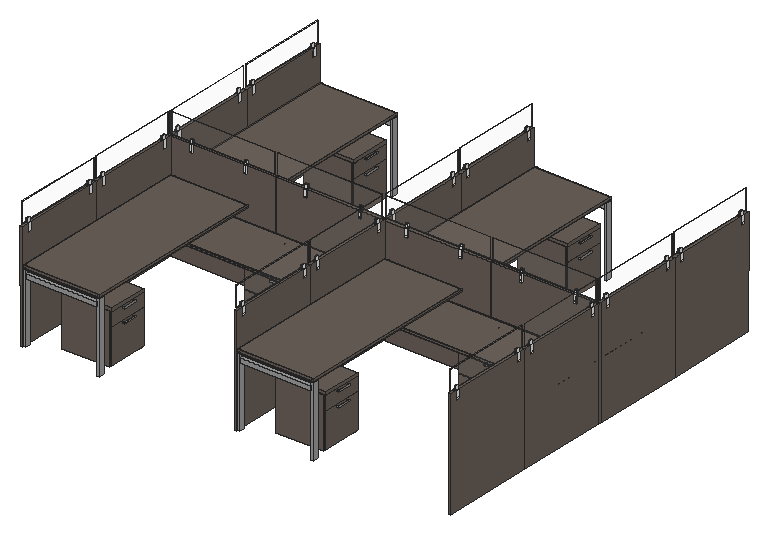
Revit family "OFS TYPICAL T200171", category Furniture, Revit 2022 (continued)
Definition of nested family "STAKS RISER SUPPORT PANELS P _ T SHAPED"
  Automatic sketch dimensions
    Extrusion 1 sketch curve to plane 4 "WING Top" = 0' - 0"
    Extrusion 1 sketch curve to plane 8 = 0' - 0"
    Extrusion 1 sketch curve to plane 7 = 0' - 0"
    Extrusion 1 sketch curve to plane 11 = 0' - 0"
    Extrusion 2 sketch curve to plane 4 "WING Top" = 0' - 0"
    Extrusion 2 sketch curve to plane 6 = 0' - 0"
    Extrusion 2 sketch curve to plane 3 "Back" = 0' - 0"
    Extrusion 2 sketch curve to plane 11 = 0' - 0"
    plane 6 to Masking region 1 sketch curve = 0' - 0"
    Masking region 1 sketch curve to plane 9 = 0' - 0"
    plane 3 "Back" to Masking region 1 sketch curve = 0' - 0"
    Masking region 1 sketch curve to plane 7 = 0' - 0"
    Extrusion 3 sketch curve to plane 2 "Left" = 0' - 0"
    Extrusion 3 sketch curve to plane 9 = 0' - 0"
    Extrusion 3 sketch curve to plane 11 = 0' - 0"
    Extrusion 3 sketch curve to plane 4 "WING Top" = 0' - 0"
    plane 6 to Masking region 2 sketch curve = 0' - 0"
    Masking region 2 sketch curve to plane 8 = 0' - 0"
    Masking region 2 sketch curve to plane 7 = 0' - 0"
    plane 12 to Masking region 2 sketch curve = 0' - 0"
    Masking region 3 sketch curve to plane 2 "Left" = 0' - 0"
    plane 3 "Back" to Masking region 3 sketch curve = 0' - 0"
    plane 5 to Masking region 3 sketch curve = 0' - 0"
    Masking region 3 sketch curve to plane 9 = 0' - 0"
    Extrusion 4 sketch curve to plane 4 "WING Top" = 0' - 0"
    Extrusion 4 sketch curve to plane 10 = 0' - 0"
    Extrusion 4 sketch curve to plane 11 = 0' - 0"
    Extrusion 4 sketch curve to plane 12 = 0' - 0"
    Masking region 4 sketch curve to plane 9 = 0' - 0"
    Masking region 4 sketch curve to plane 7 = 0' - 0"
    plane 10 to Masking region 4 sketch curve = 0' - 0"
    plane 12 to Masking region 4 sketch curve = 0' - 0"
    Extrusion 5 sketch curve to plane 4 "WING Top" = 0' - 0"
    Extrusion 5 sketch curve to plane 13 = 0' - 0"
    Extrusion 5 sketch curve to plane 2 "Left" = 0' - 0"
    Extrusion 5 sketch curve to plane 11 = 0' - 0"
    plane 3 "Back" to Masking region 5 sketch curve = 0' - 0"
    Masking region 5 sketch curve to plane 2 "Left" = 0' - 0"
    plane 5 to Masking region 5 sketch curve = 0' - 0"
    Masking region 5 sketch curve to plane 13 = 0' - 0"
    Extrusion 6 sketch curve to plane 4 "WING Top" = 0' - 0"
    Extrusion 6 sketch curve to plane 11 = 0' - 0"
    plane 10 to Extrusion 6 sketch curve = 0' - 4"
    Extrusion 6 sketch curve to Extrusion 6 sketch curve = 0' - 1"
    Masking region 6 sketch curve to plane 13 = 0' - 0"
    Masking region 6 sketch curve to Masking region 6 sketch curve = 0' - 8 1/2"
    plane 10 to Masking region 6 sketch curve = 0' - 4"
    Masking region 6 sketch curve to Masking region 6 sketch curve = 0' - 1"
